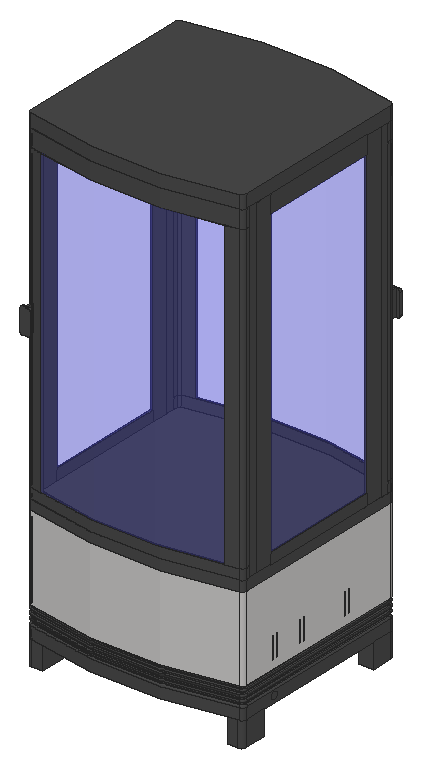
Revit family "QF_Turbo Air_CRT-77-2R", category Specialty Equipment, Revit 2014
Parameters
  Weight in Pounds = 82.5
  Watermarked By = ""
  Volts = 115 V
  URL Cutsheet = ""
  URL = "www.turboairinc.com"
  Status [instance] = ""
  Specification by User [instance] = ""
  Specification by Manufacturer [instance] = ""
  Serial Number [instance] = ""
  Revision Code [instance] = ""
  Phase = 1
  Number of Poles [instance] = 1
  NAFEM Spec ID Number [instance] = ""
  Model = "CRT-77-2R"
  Masterspec [instance] = ""
  Manufacturer = "Turbo Air"  # constant formula
  Item Number [instance] = "-"
  Installed By [instance] = ""
  HP = "2/9"
  Furnished By [instance] = ""
  Foodservice Equipment Identifier = yes
  FL Amps = 2.6 A
  Electrical Remarks [instance] = ""
  Electric Connection Type [instance] = ""
  Elec Conn RI Height [instance] = 0' - 0"
  Elec Conn Connection Height = 1' - 0"
  Description = "Refrigerated Show Case"
  Cycle = 60 Hz
  Conn Plug = "NEMA 5-15P"
  CSI MasterFormat = "11 41 13"
  Assembly Code = "E1090320"
  Apparent Power = if(Phase = 3, Volts * FL Amps * 1.73, Volts * FL Amps)  # 299 VA
Reference planes (in)
  plane 1: z = 0
  plane 2 "LEFT": x = -16.56573
  plane 3 "RIGHT": x = 0.18427
  plane 4 "FRONT": y = -16
  plane 5 "TOP": z = 38.5
  plane 6 "Bottom": z = 1.9375
  plane 7: z = 10.875
  plane 8 "Inside Bottom": z = 11.6875
  plane 9 "Glass Top": z = 36.125
  plane 10 "Inside Top": z = 37.5
  plane 11 "Vent Top": z = 4.3125
  plane 12 "Glass Bottom": z = 12.5
  plane 13 "Door Back": y = -14.38257
  plane 14 "Door Glass Left": x = -15.31573
  plane 15 "Door Glass Right": x = -1.06573
  plane 16 "Handle": z = 24.3125
  plane 17 "BACK": y = 0.75
  plane 18 "CL FB": y = -7.625
  plane 19 "Very Back": y = 0.76816
  plane 20 "Very Front": y = -16.10684
Forms (in)
  Sweep 1, solid, material "QF_Plastic-Black-Fine Textured"
    path origin (0, 0, 1.9375) x (0, 1, 0) y (-1, 0, 0)
      loop
        line (-0.66128, 16.56573) -> (-14.58872, 16.56573)
        arc (-14.58872, 16.56573) -> (-14.81696, 16.48827) -> (-14.95091, 16.28789) r 0.375
        arc (-14.95091, 16.28789) -> (-16.01816, 8.19073) -> (-14.95091, 0.09356) r 31.25
        arc (-14.95091, 0.09356) -> (-14.81696, -0.10682) -> (-14.58872, -0.18427) r 0.375
        line (-14.58872, -0.18427) -> (-0.66128, -0.18427)
        arc (-0.66128, -0.18427) -> (-0.43304, -0.10682) -> (-0.29909, 0.09356) r 0.375
        arc (-0.29909, 0.09356) -> (0.76816, 8.19073) -> (-0.29909, 16.28789) r 31.25
        arc (-0.29909, 16.28789) -> (-0.43304, 16.48827) -> (-0.66128, 16.56573) r 0.375
    profile origin (-16.56573, -7.625, 1.9375) x (1, 0, 0) y (0, 0, 1)
      loop
        line (0, 0) -> (0.0625, 0) -> (0.0625, 0.875)
        arc (0.0625, 0.875) -> (0.08081, 0.91919) -> (0.125, 0.9375) r 0.0625
        line (0.125, 0.9375) -> (0.3125, 0.9375) -> (0.3125, 2.375) -> (0.25, 2.375) -> (0.25, 2.125) -> (0.0625, 2.125)
        arc (0.0625, 2.125) -> (0, 2.0625) -> (0.0625, 2) r 0.0625
        line (0.0625, 2) -> (0.25, 2) -> (0.25, 1.75) -> (0.0625, 1.75)
        arc (0.0625, 1.75) -> (0, 1.6875) -> (0.0625, 1.625) r 0.0625
        line (0.0625, 1.625) -> (0.25, 1.625) -> (0.25, 1.375) -> (0.0625, 1.375)
        arc (0.0625, 1.375) -> (0, 1.3125) -> (0.0625, 1.25) r 0.0625
        line (0.0625, 1.25) -> (0.25, 1.25) -> (0.25, 1) -> (0.125, 1)
        arc (0.125, 1) -> (0.03661, 0.96339) -> (0, 0.875) r 0.125
        line (0, 0.875) -> (0, 0)
  Extrusion 2, solid, material "QF_Plastic-Black-Fine Textured"
    sketch origin (0, 0, 1.9375) x (0, 1, 0) y (-1, 0, 0)
      loop
        arc (-0.3125, 16.19073) -> (-0.33081, 16.23492) -> (-0.375, 16.25323) r 0.0625
        line (-0.375, 16.25323) -> (-14.58872, 16.25323)
        arc (-14.58872, 16.25323) -> (-14.62676, 16.24032) -> (-14.64908, 16.20692) r 0.0625
        arc (-14.64908, 16.20692) -> (-15.70566, 8.19073) -> (-14.64908, 0.17453) r 30.9375
        arc (-14.64908, 0.17453) -> (-14.62676, 0.14114) -> (-14.58872, 0.12823) r 0.0625
        line (-14.58872, 0.12823) -> (-0.375, 0.12823)
        arc (-0.375, 0.12823) -> (-0.33081, 0.14653) -> (-0.3125, 0.19073) r 0.0625
        line (-0.3125, 0.19073) -> (-0.3125, 16.19073)
    from 0 to 2.375
  Extrusion 3, solid, material "QF_Stainless-Polished"
    sketch origin (0, 0, 1.9375) x (0, 1, 0) y (-1, 0, 0)
      loop
        line (-0.66128, 16.56573) -> (-14.58872, 16.56573)
        arc (-14.58872, 16.56573) -> (-14.81696, 16.48827) -> (-14.95091, 16.28789) r 0.375
        arc (-14.95091, 16.28789) -> (-16.01816, 8.19073) -> (-14.95091, 0.09356) r 31.25
        arc (-14.95091, 0.09356) -> (-14.81696, -0.10682) -> (-14.58872, -0.18427) r 0.375
        line (-14.58872, -0.18427) -> (-0.66128, -0.18427)
        arc (-0.66128, -0.18427) -> (-0.43304, -0.10682) -> (-0.29909, 0.09356) r 0.375
        arc (-0.29909, 0.09356) -> (0.76816, 8.19073) -> (-0.29909, 16.28789) r 31.25
        arc (-0.29909, 16.28789) -> (-0.43304, 16.48827) -> (-0.66128, 16.56573) r 0.375
      loop
        line (-14.58872, -0.05927) -> (-0.66128, -0.05927)
        arc (-0.66128, -0.05927) -> (-0.50912, -0.00764) -> (-0.41982, 0.12595) r 0.25
        arc (-0.41982, 0.12595) -> (0.64316, 8.19073) -> (-0.41982, 16.2555) r 31.125
        arc (-0.41982, 16.2555) -> (-0.50912, 16.38909) -> (-0.66128, 16.44073) r 0.25
        line (-0.66128, 16.44073) -> (-14.58872, 16.44073)
        arc (-14.58872, 16.44073) -> (-14.74088, 16.38909) -> (-14.83018, 16.2555) r 0.25
        arc (-14.83018, 16.2555) -> (-15.89316, 8.19073) -> (-14.83018, 0.12595) r 31.125
        arc (-14.83018, 0.12595) -> (-14.74088, -0.00764) -> (-14.58872, -0.05927) r 0.25
    from 2.375 to 8.9375
  Extrusion 4, void
    sketch origin (-16.56573, 0, 0) x (0, 1, 0) y (0, 0, 1)
      loop
        line (-9.00908, 4.9375) -> (-9.00908, 6.6875)
        arc (-9.00908, 6.6875) -> (-9.07158, 6.75) -> (-9.13408, 6.6875) r 0.0625
        line (-9.13408, 6.6875) -> (-9.13408, 4.9375)
        arc (-9.13408, 4.9375) -> (-9.07158, 4.875) -> (-9.00908, 4.9375) r 0.0625
      loop
        line (-9.38408, 4.9375) -> (-9.38408, 6.6875)
        arc (-9.38408, 6.6875) -> (-9.44658, 6.75) -> (-9.50908, 6.6875) r 0.0625
        line (-9.50908, 6.6875) -> (-9.50908, 4.9375)
        arc (-9.50908, 4.9375) -> (-9.44658, 4.875) -> (-9.38408, 4.9375) r 0.0625
      loop
        line (-9.75908, 4.9375) -> (-9.75908, 6.6875)
        arc (-9.75908, 6.6875) -> (-9.82158, 6.75) -> (-9.88408, 6.6875) r 0.0625
        line (-9.88408, 6.6875) -> (-9.88408, 4.9375)
        arc (-9.88408, 4.9375) -> (-9.82158, 4.875) -> (-9.75908, 4.9375) r 0.0625
      loop
        line (-10.13408, 4.9375) -> (-10.13408, 6.6875)
        arc (-10.13408, 6.6875) -> (-10.19658, 6.75) -> (-10.25908, 6.6875) r 0.0625
        line (-10.25908, 6.6875) -> (-10.25908, 4.9375)
        arc (-10.25908, 4.9375) -> (-10.19658, 4.875) -> (-10.13408, 4.9375) r 0.0625
      loop
        line (-10.50908, 4.9375) -> (-10.50908, 6.6875)
        arc (-10.50908, 6.6875) -> (-10.57158, 6.75) -> (-10.63408, 6.6875) r 0.0625
        line (-10.63408, 6.6875) -> (-10.63408, 4.9375)
        arc (-10.63408, 4.9375) -> (-10.57158, 4.875) -> (-10.50908, 4.9375) r 0.0625
      loop
        line (-10.88408, 4.9375) -> (-10.88408, 6.6875)
        arc (-10.88408, 6.6875) -> (-10.94658, 6.75) -> (-11.00908, 6.6875) r 0.0625
        line (-11.00908, 6.6875) -> (-11.00908, 4.9375)
        arc (-11.00908, 4.9375) -> (-10.94658, 4.875) -> (-10.88408, 4.9375) r 0.0625
      loop
        line (-11.25908, 4.9375) -> (-11.25908, 6.6875)
        arc (-11.25908, 6.6875) -> (-11.32158, 6.75) -> (-11.38408, 6.6875) r 0.0625
        line (-11.38408, 6.6875) -> (-11.38408, 4.9375)
        arc (-11.38408, 4.9375) -> (-11.32158, 4.875) -> (-11.25908, 4.9375) r 0.0625
      loop
        line (-11.63408, 4.9375) -> (-11.63408, 6.6875)
        arc (-11.63408, 6.6875) -> (-11.69658, 6.75) -> (-11.75908, 6.6875) r 0.0625
        line (-11.75908, 6.6875) -> (-11.75908, 4.9375)
        arc (-11.75908, 4.9375) -> (-11.69658, 4.875) -> (-11.63408, 4.9375) r 0.0625
      loop
        line (-12.00908, 4.9375) -> (-12.00908, 6.6875)
        arc (-12.00908, 6.6875) -> (-12.07158, 6.75) -> (-12.13408, 6.6875) r 0.0625
        line (-12.13408, 6.6875) -> (-12.13408, 4.9375)
        arc (-12.13408, 4.9375) -> (-12.07158, 4.875) -> (-12.00908, 4.9375) r 0.0625
      loop
        line (-12.38408, 4.9375) -> (-12.38408, 6.6875)
        arc (-12.38408, 6.6875) -> (-12.44658, 6.75) -> (-12.50908, 6.6875) r 0.0625
        line (-12.50908, 6.6875) -> (-12.50908, 4.9375)
        arc (-12.50908, 4.9375) -> (-12.44658, 4.875) -> (-12.38408, 4.9375) r 0.0625
      loop
        line (-12.75908, 4.9375) -> (-12.75908, 6.6875)
        arc (-12.75908, 6.6875) -> (-12.82158, 6.75) -> (-12.88408, 6.6875) r 0.0625
        line (-12.88408, 6.6875) -> (-12.88408, 4.9375)
        arc (-12.88408, 4.9375) -> (-12.82158, 4.875) -> (-12.75908, 4.9375) r 0.0625
      loop
        line (-13.13408, 4.9375) -> (-13.13408, 6.6875)
        arc (-13.13408, 6.6875) -> (-13.19658, 6.75) -> (-13.25908, 6.6875) r 0.0625
        line (-13.25908, 6.6875) -> (-13.25908, 4.9375)
        arc (-13.25908, 4.9375) -> (-13.19658, 4.875) -> (-13.13408, 4.9375) r 0.0625
      loop
        line (-13.50908, 4.9375) -> (-13.50908, 6.6875)
        arc (-13.50908, 6.6875) -> (-13.57158, 6.75) -> (-13.63408, 6.6875) r 0.0625
        line (-13.63408, 6.6875) -> (-13.63408, 4.9375)
        arc (-13.63408, 4.9375) -> (-13.57158, 4.875) -> (-13.50908, 4.9375) r 0.0625
      loop
        arc (-7.00908, 4.9375) -> (-6.94658, 4.875) -> (-6.88408, 4.9375) r 0.0625
        line (-6.88408, 4.9375) -> (-6.88408, 6.6875)
        arc (-6.88408, 6.6875) -> (-6.94658, 6.75) -> (-7.00908, 6.6875) r 0.0625
        line (-7.00908, 6.6875) -> (-7.00908, 4.9375)
      loop
        arc (-6.63408, 4.9375) -> (-6.57158, 4.875) -> (-6.50908, 4.9375) r 0.0625
        line (-6.50908, 4.9375) -> (-6.50908, 6.6875)
        arc (-6.50908, 6.6875) -> (-6.57158, 6.75) -> (-6.63408, 6.6875) r 0.0625
        line (-6.63408, 6.6875) -> (-6.63408, 4.9375)
      loop
        arc (-6.25908, 4.9375) -> (-6.19658, 4.875) -> (-6.13408, 4.9375) r 0.0625
        line (-6.13408, 4.9375) -> (-6.13408, 6.6875)
        arc (-6.13408, 6.6875) -> (-6.19658, 6.75) -> (-6.25908, 6.6875) r 0.0625
        line (-6.25908, 6.6875) -> (-6.25908, 4.9375)
      loop
        arc (-5.88408, 4.9375) -> (-5.82158, 4.875) -> (-5.75908, 4.9375) r 0.0625
        line (-5.75908, 4.9375) -> (-5.75908, 6.6875)
        arc (-5.75908, 6.6875) -> (-5.82158, 6.75) -> (-5.88408, 6.6875) r 0.0625
        line (-5.88408, 6.6875) -> (-5.88408, 4.9375)
      loop
        arc (-5.50908, 4.9375) -> (-5.44658, 4.875) -> (-5.38408, 4.9375) r 0.0625
        line (-5.38408, 4.9375) -> (-5.38408, 6.6875)
        arc (-5.38408, 6.6875) -> (-5.44658, 6.75) -> (-5.50908, 6.6875) r 0.0625
        line (-5.50908, 6.6875) -> (-5.50908, 4.9375)
      loop
        arc (-5.13408, 4.9375) -> (-5.07158, 4.875) -> (-5.00908, 4.9375) r 0.0625
        line (-5.00908, 4.9375) -> (-5.00908, 6.6875)
        arc (-5.00908, 6.6875) -> (-5.07158, 6.75) -> (-5.13408, 6.6875) r 0.0625
        line (-5.13408, 6.6875) -> (-5.13408, 4.9375)
      loop
        arc (-4.75908, 4.9375) -> (-4.69658, 4.875) -> (-4.63408, 4.9375) r 0.0625
        line (-4.63408, 4.9375) -> (-4.63408, 6.6875)
        arc (-4.63408, 6.6875) -> (-4.69658, 6.75) -> (-4.75908, 6.6875) r 0.0625
        line (-4.75908, 6.6875) -> (-4.75908, 4.9375)
      loop
        arc (-4.38408, 4.9375) -> (-4.32158, 4.875) -> (-4.25908, 4.9375) r 0.0625
        line (-4.25908, 4.9375) -> (-4.25908, 6.6875)
        arc (-4.25908, 6.6875) -> (-4.32158, 6.75) -> (-4.38408, 6.6875) r 0.0625
        line (-4.38408, 6.6875) -> (-4.38408, 4.9375)
      loop
        arc (-4.00908, 4.9375) -> (-3.94658, 4.875) -> (-3.88408, 4.9375) r 0.0625
        line (-3.88408, 4.9375) -> (-3.88408, 6.6875)
        arc (-3.88408, 6.6875) -> (-3.94658, 6.75) -> (-4.00908, 6.6875) r 0.0625
        line (-4.00908, 6.6875) -> (-4.00908, 4.9375)
      loop
        arc (-3.63408, 4.9375) -> (-3.57158, 4.875) -> (-3.50908, 4.9375) r 0.0625
        line (-3.50908, 4.9375) -> (-3.50908, 6.6875)
        arc (-3.50908, 6.6875) -> (-3.57158, 6.75) -> (-3.63408, 6.6875) r 0.0625
        line (-3.63408, 6.6875) -> (-3.63408, 4.9375)
      loop
        arc (-3.25908, 4.9375) -> (-3.19658, 4.875) -> (-3.13408, 4.9375) r 0.0625
        line (-3.13408, 4.9375) -> (-3.13408, 6.6875)
        arc (-3.13408, 6.6875) -> (-3.19658, 6.75) -> (-3.25908, 6.6875) r 0.0625
        line (-3.25908, 6.6875) -> (-3.25908, 4.9375)
      loop
        arc (-2.88408, 4.9375) -> (-2.82158, 4.875) -> (-2.75908, 4.9375) r 0.0625
        line (-2.75908, 4.9375) -> (-2.75908, 6.6875)
        arc (-2.75908, 6.6875) -> (-2.82158, 6.75) -> (-2.88408, 6.6875) r 0.0625
        line (-2.88408, 6.6875) -> (-2.88408, 4.9375)
      loop
        arc (-2.50908, 4.9375) -> (-2.44658, 4.875) -> (-2.38408, 4.9375) r 0.0625
        line (-2.38408, 4.9375) -> (-2.38408, 6.6875)
        arc (-2.38408, 6.6875) -> (-2.44658, 6.75) -> (-2.50908, 6.6875) r 0.0625
        line (-2.50908, 6.6875) -> (-2.50908, 4.9375)
    from 0 to 16.75
  Extrusion 5, solid, material "QF_Plastic-Black-Fine Textured"
    sketch origin (0, 0, 11.6875) x (0, 1, 0) y (-1, 0, 0)
      loop
        line (-0.66128, 16.56573) -> (-14.58872, 16.56573)
        arc (-14.58872, 16.56573) -> (-14.81696, 16.48827) -> (-14.95091, 16.28789) r 0.375
        arc (-14.95091, 16.28789) -> (-16.01816, 8.19073) -> (-14.95091, 0.09356) r 31.25
        arc (-14.95091, 0.09356) -> (-14.81696, -0.10682) -> (-14.58872, -0.18427) r 0.375
        line (-14.58872, -0.18427) -> (-0.66128, -0.18427)
        arc (-0.66128, -0.18427) -> (-0.43304, -0.10682) -> (-0.29909, 0.09356) r 0.375
        arc (-0.29909, 0.09356) -> (0.76816, 8.19073) -> (-0.29909, 16.28789) r 31.25
        arc (-0.29909, 16.28789) -> (-0.43304, 16.48827) -> (-0.66128, 16.56573) r 0.375
    from 0 to -0.8125
  Extrusion 6, solid, material "QF_Plastic-Black-Fine Textured"
    sketch origin (0, 0, 11.6875) x (0, 1, 0) y (-1, 0, 0)
      loop
        arc (-15.06667, 15.31573) -> (-14.95208, 15.78653) -> (-14.83018, 16.2555) r 31.125
        arc (-14.83018, 16.2555) -> (-14.74088, 16.38909) -> (-14.58872, 16.44073) r 0.25
        line (-14.58872, 16.44073) -> (-13.71372, 16.44073) -> (-13.71372, 16.56573) -> (-14.58872, 16.56573)
        arc (-14.58872, 16.56573) -> (-14.81696, 16.48827) -> (-14.95091, 16.28789) r 0.375
        arc (-14.95091, 16.28789) -> (-15.07689, 15.80279) -> (-15.19507, 15.31573) r 31.25
        line (-15.19507, 15.31573) -> (-15.06667, 15.31573)
      loop
        line (-12.27622, 16.44073) -> (-12.27622, 16.56573) -> (-13.65122, 16.56573) -> (-13.65122, 16.44073) -> (-12.27622, 16.44073)
      loop
        line (-15.06667, 1.06573) -> (-15.19507, 1.06573)
        arc (-15.19507, 1.06573) -> (-15.07689, 0.57866) -> (-14.95091, 0.09356) r 31.25
        arc (-14.95091, 0.09356) -> (-14.81696, -0.10682) -> (-14.58872, -0.18427) r 0.375
        line (-14.58872, -0.18427) -> (-13.71372, -0.18427) -> (-13.71372, -0.05927) -> (-14.58872, -0.05927)
        arc (-14.58872, -0.05927) -> (-14.74088, -0.00764) -> (-14.83018, 0.12595) r 0.25
        arc (-14.83018, 0.12595) -> (-14.95208, 0.59492) -> (-15.06667, 1.06573) r 31.125
      loop
        line (-12.27622, -0.05927) -> (-13.65122, -0.05927) -> (-13.65122, -0.18427) -> (-12.27622, -0.18427) -> (-12.27622, -0.05927)
      loop
        line (-0.18333, 15.31573) -> (-0.05493, 15.31573)
        arc (-0.05493, 15.31573) -> (-0.17311, 15.80279) -> (-0.29909, 16.28789) r 31.25
        arc (-0.29909, 16.28789) -> (-0.43304, 16.48827) -> (-0.66128, 16.56573) r 0.375
        line (-0.66128, 16.56573) -> (-1.53628, 16.56573) -> (-1.53628, 16.44073) -> (-0.66128, 16.44073)
        arc (-0.66128, 16.44073) -> (-0.50912, 16.38909) -> (-0.41982, 16.2555) r 0.25
        arc (-0.41982, 16.2555) -> (-0.29792, 15.78653) -> (-0.18333, 15.31573) r 31.125
      loop
        line (-2.97378, 16.44073) -> (-1.59878, 16.44073) -> (-1.59878, 16.56573) -> (-2.97378, 16.56573) -> (-2.97378, 16.44073)
      loop
        arc (-0.18333, 1.06573) -> (-0.29792, 0.59492) -> (-0.41982, 0.12595) r 31.125
        arc (-0.41982, 0.12595) -> (-0.50912, -0.00764) -> (-0.66128, -0.05927) r 0.25
        line (-0.66128, -0.05927) -> (-1.53628, -0.05927) -> (-1.53628, -0.18427) -> (-0.66128, -0.18427)
        arc (-0.66128, -0.18427) -> (-0.43304, -0.10682) -> (-0.29909, 0.09356) r 0.375
        arc (-0.29909, 0.09356) -> (-0.17311, 0.57866) -> (-0.05493, 1.06573) r 31.25
        line (-0.05493, 1.06573) -> (-0.18333, 1.06573)
      loop
        line (-2.97378, -0.05927) -> (-2.97378, -0.18427) -> (-1.59878, -0.18427) -> (-1.59878, -0.05927) -> (-2.97378, -0.05927)
    from 0 to 25.8125
  Extrusion 7, void
    sketch origin (-16.56573, 0, 0) x (0, 1, 0) y (0, 0, 1)
      loop
        line (-15.19507, 37.5) -> (-15.19507, 11.6875) -> (-14.38257, 11.6875) -> (-14.38257, 37.5) -> (-15.19507, 37.5)
    from 0 to 16.75
  Extrusion 8, solid, material "QF_Plastic-Black-Fine Textured"
    sketch origin (0, 0, 11.6875) x (0, 1, 0) y (-1, 0, 0)
      loop
        line (-14.38257, 16.56573) -> (-14.58872, 16.56573)
        arc (-14.58872, 16.56573) -> (-14.81696, 16.48827) -> (-14.95091, 16.28789) r 0.375
        arc (-14.95091, 16.28789) -> (-16.01816, 8.19073) -> (-14.95091, 0.09356) r 31.25
        arc (-14.95091, 0.09356) -> (-14.81696, -0.10682) -> (-14.58872, -0.18427) r 0.375
        line (-14.58872, -0.18427) -> (-14.38257, -0.18427) -> (-14.38257, -0.05927) -> (-14.58872, -0.05927)
        arc (-14.58872, -0.05927) -> (-14.74088, -0.00764) -> (-14.83018, 0.12595) r 0.25
        arc (-14.83018, 0.12595) -> (-15.89316, 8.19073) -> (-14.83018, 16.2555) r 31.125
        arc (-14.83018, 16.2555) -> (-14.74088, 16.38909) -> (-14.58872, 16.44073) r 0.25
        line (-14.58872, 16.44073) -> (-14.38257, 16.44073) -> (-14.38257, 16.56573)
    from 0 to 0.8125
  Extrusion 9, solid, material "QF_Plastic-Black-Fine Textured"
    sketch origin (0, 0, 36.125) x (0, 1, 0) y (-1, 0, 0)
      loop
        line (-14.38257, 16.56573) -> (-14.58872, 16.56573)
        arc (-14.58872, 16.56573) -> (-14.81696, 16.48827) -> (-14.95091, 16.28789) r 0.375
        arc (-14.95091, 16.28789) -> (-16.01816, 8.19073) -> (-14.95091, 0.09356) r 31.25
        arc (-14.95091, 0.09356) -> (-14.81696, -0.10682) -> (-14.58872, -0.18427) r 0.375
        line (-14.58872, -0.18427) -> (-14.38257, -0.18427) -> (-14.38257, -0.05927) -> (-14.58872, -0.05927)
        arc (-14.58872, -0.05927) -> (-14.74088, -0.00764) -> (-14.83018, 0.12595) r 0.25
        arc (-14.83018, 0.12595) -> (-15.89316, 8.19073) -> (-14.83018, 16.2555) r 31.125
        arc (-14.83018, 16.2555) -> (-14.74088, 16.38909) -> (-14.58872, 16.44073) r 0.25
        line (-14.58872, 16.44073) -> (-14.38257, 16.44073) -> (-14.38257, 16.56573)
    from 0 to 1.375
  Extrusion 10, solid, material "QF_Plastic-Black-Fine Textured"
    sketch origin (0, 0, 11.6875) x (0, 1, 0) y (-1, 0, 0)
      loop
        line (-14.38257, 16.56573) -> (-14.58872, 16.56573)
        arc (-14.58872, 16.56573) -> (-14.81696, 16.48827) -> (-14.95091, 16.28789) r 0.375
        arc (-14.95091, 16.28789) -> (-15.07689, 15.80279) -> (-15.19507, 15.31573) r 31.25
        line (-15.19507, 15.31573) -> (-15.06667, 15.31573)
        arc (-15.06667, 15.31573) -> (-14.95208, 15.78653) -> (-14.83018, 16.2555) r 31.125
        arc (-14.83018, 16.2555) -> (-14.74088, 16.38909) -> (-14.58872, 16.44073) r 0.25
        line (-14.58872, 16.44073) -> (-14.38257, 16.44073) -> (-14.38257, 16.56573)
      loop
        line (-14.38257, -0.18427) -> (-14.38257, -0.05927) -> (-14.58872, -0.05927)
        arc (-14.58872, -0.05927) -> (-14.74088, -0.00764) -> (-14.83018, 0.12595) r 0.25
        arc (-14.83018, 0.12595) -> (-14.95208, 0.59492) -> (-15.06667, 1.06573) r 31.125
        line (-15.06667, 1.06573) -> (-15.19507, 1.06573)
        arc (-15.19507, 1.06573) -> (-15.07689, 0.57866) -> (-14.95091, 0.09356) r 31.25
        arc (-14.95091, 0.09356) -> (-14.81696, -0.10682) -> (-14.58872, -0.18427) r 0.375
        line (-14.58872, -0.18427) -> (-14.38257, -0.18427)
    from 0.8125 to 24.4375
  Extrusion 11, solid, material "QF_Glass-Cast-Clear"
    sketch origin (0, 0, 11.6875) x (0, 1, 0) y (-1, 0, 0)
      loop
        arc (-15.19507, 15.31573) -> (-16.01816, 8.19073) -> (-15.19507, 1.06573) r 31.25
        line (-15.19507, 1.06573) -> (-15.06667, 1.06573)
        arc (-15.06667, 1.06573) -> (-15.89316, 8.19073) -> (-15.06667, 15.31573) r 31.125
        line (-15.06667, 15.31573) -> (-15.19507, 15.31573)
    from 0.8125 to 24.4375
  Extrusion 12, solid, material "QF_Plastic-Black-Fine Textured"
    sketch origin (0, 0, 11.6875) x (0, 1, 0) y (-1, 0, 0)
      loop
        line (-12.27622, 16.56573) -> (-12.27622, 16.44073) -> (-2.97378, 16.44073) -> (-2.97378, 16.56573) -> (-12.27622, 16.56573)
      loop
        line (-12.27622, -0.05927) -> (-12.27622, -0.18427) -> (-2.97378, -0.18427) -> (-2.97378, -0.05927) -> (-12.27622, -0.05927)
    from 0 to 0.8125
  Extrusion 13, solid, material "QF_Plastic-Black-Fine Textured"
    sketch origin (0, 0, 36.125) x (0, 1, 0) y (-1, 0, 0)
      loop
        line (-2.97378, 16.56573) -> (-12.27622, 16.56573) -> (-12.27622, 16.44073) -> (-2.97378, 16.44073) -> (-2.97378, 16.56573)
      loop
        line (-2.97378, -0.05927) -> (-12.27622, -0.05927) -> (-12.27622, -0.18427) -> (-2.97378, -0.18427) -> (-2.97378, -0.05927)
    from 0 to 1.375
  Extrusion 14, solid, material "QF_Glass-Cast-Clear"
    sketch origin (0, 0, 12.5) x (0, 1, 0) y (-1, 0, 0)
      loop
        line (-2.97378, 16.56573) -> (-12.27622, 16.56573) -> (-12.27622, 16.44073) -> (-2.97378, 16.44073) -> (-2.97378, 16.56573)
      loop
        line (-2.97378, -0.05927) -> (-12.27622, -0.05927) -> (-12.27622, -0.18427) -> (-2.97378, -0.18427) -> (-2.97378, -0.05927)
    from 0 to 23.625
  Extrusion 15, solid, material "QF_Plastic-Black-Fine Textured"
    sketch origin (0, 0, 37.5) x (0, 1, 0) y (-1, 0, 0)
      loop
        arc (-14.58872, 16.56573) -> (-14.81696, 16.48827) -> (-14.95091, 16.28789) r 0.375
        arc (-14.95091, 16.28789) -> (-16.01816, 8.19073) -> (-14.95091, 0.09356) r 31.25
        arc (-14.95091, 0.09356) -> (-14.81696, -0.10682) -> (-14.58872, -0.18427) r 0.375
        line (-14.58872, -0.18427) -> (-0.66128, -0.18427)
        arc (-0.66128, -0.18427) -> (-0.43304, -0.10682) -> (-0.29909, 0.09356) r 0.375
        arc (-0.29909, 0.09356) -> (0.76816, 8.19073) -> (-0.29909, 16.28789) r 31.25
        arc (-0.29909, 16.28789) -> (-0.43304, 16.48827) -> (-0.66128, 16.56573) r 0.375
        line (-0.66128, 16.56573) -> (-14.58872, 16.56573)
    from 0 to 1
  Extrusion 16, solid, material "QF_Plastic-Black-Fine Textured"
    sketch origin (0, 0, 24.3125) x (0, 1, 0) y (-1, 0, 0)
      loop
        line (-14.96019, 16.25323) -> (-15.5, 16.25323) -> (-15.5, 16.12823) -> (-14.99329, 16.12823)
        arc (-14.99329, 16.12823) -> (-14.9768, 16.19074) -> (-14.96019, 16.25323) r 31.25
    from -1 to 1
  Extrusion 17, solid, material "QF_Plastic-Black-Fine Textured"
    sketch origin (0, -16, 0) x (1, 0, 0) y (0, 0, 1)
      loop
        arc (-16.40948, 25.3125) -> (-16.54206, 25.25758) -> (-16.59698, 25.125) r 0.1875
        line (-16.59698, 25.125) -> (-16.59698, 23.5)
        arc (-16.59698, 23.5) -> (-16.54206, 23.36742) -> (-16.40948, 23.3125) r 0.1875
        line (-16.40948, 23.3125) -> (-15.97198, 23.3125)
        arc (-15.97198, 23.3125) -> (-15.83939, 23.36742) -> (-15.78448, 23.5) r 0.1875
        line (-15.78448, 23.5) -> (-15.78448, 25.125)
        arc (-15.78448, 25.125) -> (-15.83939, 25.25758) -> (-15.97198, 25.3125) r 0.1875
        line (-15.97198, 25.3125) -> (-16.40948, 25.3125)
    from -0.5 to -0.375
  Extrusion 18, solid, material "QF_Clearance", detail levels coarse+medium
    sketch origin (0, 0, 11.6875) x (0, 1, 0) y (-1, 0, 0)
      loop
        line (-14.38257, -0.39042) -> (-14.38257, -0.18427) -> (-14.58872, -0.18427)
        arc (-14.58872, -0.18427) -> (-14.81696, -0.10682) -> (-14.95091, 0.09356) r 0.375
        arc (-14.95091, 0.09356) -> (-16.01708, 7.93069) -> (-15.08148, 15.78448) r 31.25
        line (-15.08148, 15.78448) -> (-15.625, 15.78448) -> (-15.625, 16.51958)
        arc (-15.625, 16.51958) -> (-26.65802, 11.21204) -> (-31.13257, -0.18427) r 16.75
        line (-31.13257, -0.18427) -> (-31.13257, -0.39042)
        arc (-31.13257, -0.39042) -> (-31.05511, -0.61866) -> (-30.85474, -0.75261) r 0.375
        arc (-30.85474, -0.75261) -> (-22.75757, -1.81986) -> (-14.6604, -0.75261) r 31.25
        arc (-14.6604, -0.75261) -> (-14.46003, -0.61866) -> (-14.38257, -0.39042) r 0.375
    from 0 to 25.8125
  Extrusion 19, solid, material "QF_Plastic-Black-Fine Textured"
    sketch origin (0, 0, 0) x (1, 0, 0) y (0, 1, 0)
      loop
        line (-16.19073, -14.96372) -> (-15.37823, -14.96372) -> (-15.37823, -12.96372) -> (-16.56573, -12.96372) -> (-16.56573, -14.58872)
        arc (-16.56573, -14.58872) -> (-16.45589, -14.85388) -> (-16.19073, -14.96372) r 0.375
      loop
        arc (-0.19073, -14.96372) -> (0.07444, -14.85388) -> (0.18427, -14.58872) r 0.375
        line (0.18427, -14.58872) -> (0.18427, -12.96372) -> (-1.00323, -12.96372) -> (-1.00323, -14.96372) -> (-0.19073, -14.96372)
      loop
        arc (-16.19073, -0.28628) -> (-16.45589, -0.39612) -> (-16.56573, -0.66128) r 0.375
        line (-16.56573, -0.66128) -> (-16.56573, -2.28628) -> (-15.37823, -2.28628) -> (-15.37823, -0.28628) -> (-16.19073, -0.28628)
      loop
        line (-0.19073, -0.28628) -> (-1.00323, -0.28628) -> (-1.00323, -2.28628) -> (0.18427, -2.28628) -> (0.18427, -0.66128)
        arc (0.18427, -0.66128) -> (0.07444, -0.39612) -> (-0.19073, -0.28628) r 0.375
    from 0 to 1.9375
  Extrusion 20, solid, material "QF_Plastic-Black-Fine Textured"
    sketch origin (0.18427, 0, 0) x (0, 1, 0) y (0, 0, 1)
      loop
        circle (-12, 2.5) r 0.25
    from 0 to 0.0625
  Extrusion 21, solid, material "QF_Plastic-Black-Fine Textured"
    sketch origin (-16.38145, -15.25, 11.6875) x (0, -1, 0) y (1, 0, 0)
      loop
        line (-14.38257, 16.56573) -> (-14.58872, 16.56573)
        arc (-14.58872, 16.56573) -> (-14.81696, 16.48827) -> (-14.95091, 16.28789) r 0.375
        arc (-14.95091, 16.28789) -> (-16.01816, 8.19073) -> (-14.95091, 0.09356) r 31.25
        arc (-14.95091, 0.09356) -> (-14.81696, -0.10682) -> (-14.58872, -0.18427) r 0.375
        line (-14.58872, -0.18427) -> (-14.38257, -0.18427) -> (-14.38257, -0.05927) -> (-14.58872, -0.05927)
        arc (-14.58872, -0.05927) -> (-14.74088, -0.00764) -> (-14.83018, 0.12595) r 0.25
        arc (-14.83018, 0.12595) -> (-15.89316, 8.19073) -> (-14.83018, 16.2555) r 31.125
        arc (-14.83018, 16.2555) -> (-14.74088, 16.38909) -> (-14.58872, 16.44073) r 0.25
        line (-14.58872, 16.44073) -> (-14.38257, 16.44073) -> (-14.38257, 16.56573)
    from 0 to 0.8125
  Extrusion 22, solid, material "QF_Plastic-Black-Fine Textured"
    sketch origin (-16.38145, -15.25, 36.125) x (0, -1, 0) y (1, 0, 0)
      loop
        line (-14.38257, 16.56573) -> (-14.58872, 16.56573)
        arc (-14.58872, 16.56573) -> (-14.81696, 16.48827) -> (-14.95091, 16.28789) r 0.375
        arc (-14.95091, 16.28789) -> (-16.01816, 8.19073) -> (-14.95091, 0.09356) r 31.25
        arc (-14.95091, 0.09356) -> (-14.81696, -0.10682) -> (-14.58872, -0.18427) r 0.375
        line (-14.58872, -0.18427) -> (-14.38257, -0.18427) -> (-14.38257, -0.05927) -> (-14.58872, -0.05927)
        arc (-14.58872, -0.05927) -> (-14.74088, -0.00764) -> (-14.83018, 0.12595) r 0.25
        arc (-14.83018, 0.12595) -> (-15.89316, 8.19073) -> (-14.83018, 16.2555) r 31.125
        arc (-14.83018, 16.2555) -> (-14.74088, 16.38909) -> (-14.58872, 16.44073) r 0.25
        line (-14.58872, 16.44073) -> (-14.38257, 16.44073) -> (-14.38257, 16.56573)
    from 0 to 1.375
  Extrusion 23, solid, material "QF_Plastic-Black-Fine Textured"
    sketch origin (-16.38145, -15.25, 11.6875) x (0, -1, 0) y (1, 0, 0)
      loop
        line (-14.38257, 16.56573) -> (-14.58872, 16.56573)
        arc (-14.58872, 16.56573) -> (-14.81696, 16.48827) -> (-14.95091, 16.28789) r 0.375
        arc (-14.95091, 16.28789) -> (-15.07689, 15.80279) -> (-15.19507, 15.31573) r 31.25
        line (-15.19507, 15.31573) -> (-15.06667, 15.31573)
        arc (-15.06667, 15.31573) -> (-14.95208, 15.78653) -> (-14.83018, 16.2555) r 31.125
        arc (-14.83018, 16.2555) -> (-14.74088, 16.38909) -> (-14.58872, 16.44073) r 0.25
        line (-14.58872, 16.44073) -> (-14.38257, 16.44073) -> (-14.38257, 16.56573)
      loop
        line (-14.38257, -0.18427) -> (-14.38257, -0.05927) -> (-14.58872, -0.05927)
        arc (-14.58872, -0.05927) -> (-14.74088, -0.00764) -> (-14.83018, 0.12595) r 0.25
        arc (-14.83018, 0.12595) -> (-14.95208, 0.59492) -> (-15.06667, 1.06573) r 31.125
        line (-15.06667, 1.06573) -> (-15.19507, 1.06573)
        arc (-15.19507, 1.06573) -> (-15.07689, 0.57866) -> (-14.95091, 0.09356) r 31.25
        arc (-14.95091, 0.09356) -> (-14.81696, -0.10682) -> (-14.58872, -0.18427) r 0.375
        line (-14.58872, -0.18427) -> (-14.38257, -0.18427)
    from 0.8125 to 24.4375
  Extrusion 24, solid, material "QF_Glass-Cast-Clear"
    sketch origin (-16.38145, -15.25, 11.6875) x (0, -1, 0) y (1, 0, 0)
      loop
        arc (-15.19507, 15.31573) -> (-16.01816, 8.19073) -> (-15.19507, 1.06573) r 31.25
        line (-15.19507, 1.06573) -> (-15.06667, 1.06573)
        arc (-15.06667, 1.06573) -> (-15.89316, 8.19073) -> (-15.06667, 15.31573) r 31.125
        line (-15.06667, 15.31573) -> (-15.19507, 15.31573)
    from 0.8125 to 24.4375
  Extrusion 25, solid, material "QF_Plastic-Black-Fine Textured"
    sketch origin (-16.38145, -15.25, 24.3125) x (0, -1, 0) y (1, 0, 0)
      loop
        line (-14.96019, 16.25323) -> (-15.5, 16.25323) -> (-15.5, 16.12823) -> (-14.99329, 16.12823)
        arc (-14.99329, 16.12823) -> (-14.9768, 16.19074) -> (-14.96019, 16.25323) r 31.25
    from -1 to 1
  Extrusion 26, solid, material "QF_Plastic-Black-Fine Textured"
    sketch origin (-16.38145, 0.75, 0) x (-1, 0, 0) y (0, 0, 1)
      loop
        arc (-16.40948, 25.3125) -> (-16.54206, 25.25758) -> (-16.59698, 25.125) r 0.1875
        line (-16.59698, 25.125) -> (-16.59698, 23.5)
        arc (-16.59698, 23.5) -> (-16.54206, 23.36742) -> (-16.40948, 23.3125) r 0.1875
        line (-16.40948, 23.3125) -> (-15.97198, 23.3125)
        arc (-15.97198, 23.3125) -> (-15.83939, 23.36742) -> (-15.78448, 23.5) r 0.1875
        line (-15.78448, 23.5) -> (-15.78448, 25.125)
        arc (-15.78448, 25.125) -> (-15.83939, 25.25758) -> (-15.97198, 25.3125) r 0.1875
        line (-15.97198, 25.3125) -> (-16.40948, 25.3125)
    from -0.5 to -0.375
  Extrusion 27, solid, material "QF_Clearance", detail levels coarse+medium
    sketch origin (-16.38145, -15.25, 11.6875) x (0, -1, 0) y (1, 0, 0)
      loop
        line (-14.38257, -0.39042) -> (-14.38257, -0.18427) -> (-14.58872, -0.18427)
        arc (-14.58872, -0.18427) -> (-14.81696, -0.10682) -> (-14.95091, 0.09356) r 0.375
        arc (-14.95091, 0.09356) -> (-16.01708, 7.93069) -> (-15.08148, 15.78448) r 31.25
        line (-15.08148, 15.78448) -> (-15.625, 15.78448) -> (-15.625, 16.51958)
        arc (-15.625, 16.51958) -> (-26.65802, 11.21204) -> (-31.13257, -0.18427) r 16.75
        line (-31.13257, -0.18427) -> (-31.13257, -0.39042)
        arc (-31.13257, -0.39042) -> (-31.05511, -0.61866) -> (-30.85474, -0.75261) r 0.375
        arc (-30.85474, -0.75261) -> (-22.75757, -1.81986) -> (-14.6604, -0.75261) r 31.25
        arc (-14.6604, -0.75261) -> (-14.46003, -0.61866) -> (-14.38257, -0.39042) r 0.375
    from 0 to 25.8125
Cuts and joins
  Extrusion 4 cuts Extrusion 3
  Extrusion 7 cuts Extrusion 6
Lines and regions (in)
  symbolic lines
    curve 1: arc (-0.09356, -14.95091, 11.6875) -> (0.10682, -14.81696, 11.6875) -> (0.18427, -14.58872, 11.6875) r 0.375
    curve 2: arc (-16.28789, -14.95091, 11.6875) -> (-8.19073, -16.01816, 11.6875) -> (-0.09356, -14.95091, 11.6875) r 31.25
    curve 3: arc (-16.56573, -14.58872, 11.6875) -> (-16.48827, -14.81696, 11.6875) -> (-16.28789, -14.95091, 11.6875) r 0.375
    curve 4: line (-16.25323, -14.96019, 11.6875) -> (-16.25323, -15.5, 11.6875)
    curve 5: line (-16.12823, -15.5, 11.6875) -> (-16.12823, -14.99329, 11.6875)
    curve 6: line (-15.78448, -15.625, 11.6875) -> (-16.59698, -15.625, 11.6875)
    curve 7: line (-15.78448, -15.5, 11.6875) -> (-16.59698, -15.5, 11.6875)
    curve 8: line (-16.59698, -15.5, 11.6875) -> (-16.59698, -15.625, 11.6875)
    curve 9: line (-15.78448, -15.5, 11.6875) -> (-15.78448, -15.625, 11.6875)
    curve 16: arc (-16.28789, -0.29909, 11.6875) -> (-16.48827, -0.43304, 11.6875) -> (-16.56573, -0.66128, 11.6875) r 0.375
    curve 17: arc (-0.09356, -0.29909, 11.6875) -> (-8.19073, 0.76816, 11.6875) -> (-16.28789, -0.29909, 11.6875) r 31.25
    curve 18: arc (0.18427, -0.66128, 11.6875) -> (0.10682, -0.43304, 11.6875) -> (-0.09356, -0.29909, 11.6875) r 0.375
    curve 19: line (-0.12823, -0.28981, 11.6875) -> (-0.12823, 0.25, 11.6875)
    curve 20: line (-0.25323, 0.25, 11.6875) -> (-0.25323, -0.25671, 11.6875)
    curve 21: line (-0.59698, 0.375, 11.6875) -> (0.21552, 0.375, 11.6875)
    curve 22: line (-0.59698, 0.25, 11.6875) -> (0.21552, 0.25, 11.6875)
    curve 23: line (0.21552, 0.25, 11.6875) -> (0.21552, 0.375, 11.6875)
    curve 24: line (-0.59698, 0.25, 11.6875) -> (-0.59698, 0.375, 11.6875)
    curve 31: line (-16.56573, -0.66128, 11.6875) -> (-16.56573, -14.58872, 11.6875)
    curve 32: line (0.18427, -14.58872, 11.6875) -> (0.18427, -0.66128, 11.6875)
  symbolic lines, style "QF_Clearances_Door_Drawer", detail levels coarse+medium
    curve 10: arc (-16.51958, -15.625, 11.6875) -> (-11.21204, -26.65802, 11.6875) -> (0.18427, -31.13257, 11.6875) r 16.75
    curve 11: arc (0.75261, -30.85474, 11.6875) -> (1.81986, -22.75757, 11.6875) -> (0.75261, -14.6604, 11.6875) r 31.25
    curve 12: arc (0.75261, -14.6604, 11.6875) -> (0.61866, -14.46003, 11.6875) -> (0.39042, -14.38257, 11.6875) r 0.375
    curve 13: line (0.39042, -14.38257, 11.6875) -> (0.18427, -14.38257, 11.6875)
    curve 14: arc (0.39042, -31.13257, 11.6875) -> (0.61866, -31.05511, 11.6875) -> (0.75261, -30.85474, 11.6875) r 0.375
    curve 15: line (0.18427, -31.13257, 11.6875) -> (0.39042, -31.13257, 11.6875)
    curve 25: arc (0.13813, 0.375, 11.6875) -> (-5.16941, 11.40802, 11.6875) -> (-16.56573, 15.88257, 11.6875) r 16.75
    curve 26: arc (-17.13407, 15.60474, 11.6875) -> (-18.20132, 7.50757, 11.6875) -> (-17.13407, -0.5896, 11.6875) r 31.25
    curve 27: arc (-17.13407, -0.5896, 11.6875) -> (-17.00011, -0.78997, 11.6875) -> (-16.77187, -0.86743, 11.6875) r 0.375
    curve 28: line (-16.77187, -0.86743, 11.6875) -> (-16.56573, -0.86743, 11.6875)
    curve 29: arc (-16.77187, 15.88257, 11.6875) -> (-17.00011, 15.80511, 11.6875) -> (-17.13407, 15.60474, 11.6875) r 0.375
    curve 30: line (-16.56573, 15.88257, 11.6875) -> (-16.77187, 15.88257, 11.6875)
Dimensions and locks (in)
  locked: plane 3 "RIGHT" to plane 2 "LEFT" at 16.75
  locked: plane 5 "TOP" to plane 1 at 38.5
  plane 5 "TOP" to plane 10 "Inside Top" = 0' - 1"
  plane 10 "Inside Top" to plane 9 "Glass Top" = 0' - 1 3/8"
  locked: plane 6 "Bottom" to level at 1.9375
  locked: plane 11 "Vent Top" to plane 6 "Bottom" at 2.375
  locked: plane 8 "Inside Bottom" to plane 7 at 0.8125
  locked: plane 7 to plane 11 "Vent Top" at 6.5625
  locked: plane 12 "Glass Bottom" to plane 8 "Inside Bottom" at 0.8125
  locked: plane 4 "FRONT" to plane 13 "Door Back" at 1.61743
  locked: plane 2 "LEFT" to plane 14 "Door Glass Left" at 1.25
  locked: plane 15 "Door Glass Right" to plane 3 "RIGHT" at 1.25
  equal spacing: plane 9 "Glass Top", plane 16 "Handle", plane 12 "Glass Bottom"
  plane 4 "FRONT" to Extrusion 16 sketch curve = 0' - 0 1/2"
  locked: plane 4 "FRONT" to Extrusion 20 sketch curve at 4
  locked: Extrusion 20 sketch curve to level at 2.5
  plane 4 "FRONT" to plane 17 "BACK" = 1' - 4 3/4"
  plane 4 "FRONT" to plane 18 "CL FB" to plane 17 "BACK" = 0' - 8 3/8", 0' - 8 3/8"
  locked: plane 20 "Very Front" to plane 19 "Very Back" at 16.875
  aligned and locked: level to plane 1
  aligned and locked: plane 11 "Vent Top" to Extrusion 2
  aligned and locked: plane 7 to Extrusion 3
  aligned and locked: Extrusion 3 to plane 11 "Vent Top"
  aligned and locked: plane 3 "RIGHT" to Extrusion 4
  aligned and locked: Extrusion 5 to plane 7
  aligned and locked: plane 10 "Inside Top" to Extrusion 6
  aligned and locked: plane 10 "Inside Top" to Extrusion 13
  aligned and locked: plane 9 "Glass Top" to Extrusion 14
  aligned and locked: plane 5 "TOP" to Extrusion 15
  aligned and locked: plane 10 "Inside Top" to Extrusion 18
Automatic sketch dimensions
  Sweep 1 sketch curve to plane 2 "LEFT" = 0' - 0"
  Sweep 1 sketch curve to plane 3 "RIGHT" = 0' - 0"
  plane 14 "Door Glass Left" to Sweep 1 sketch curve = 0' - 7 1/8"  (x2)
  plane 4 "FRONT" to Sweep 1 sketch curve = 1' - 2.48184"
  plane 13 "Door Back" to Sweep 1 sketch curve = 0' - 0.20615"  (x2)
  plane 17 "BACK" to Sweep 1 sketch curve = 0' - 1.41128"  (x2)
  plane 2 "LEFT" to Sweep 1 sketch curve = 0' - 0 3/8"
  Sweep 1 sketch curve to plane 17 "BACK" = 1' - 2.48184"
  Sweep 1 sketch curve to Sweep 1 sketch curve = 0' - 0 3/8"  (x3)
  Sweep 1 sketch curve to Sweep 1 sketch curve = 0' - 0"  (x6)
  profile plane to Sweep 1 sketch curve = 0' - 0"
  Sweep 1 sketch curve to plane 6 "Bottom" = 0' - 0"
  Sweep 1 sketch curve to profile plane = 0' - 0 1/16"  (x4)
  Sweep 1 sketch curve to Sweep 1 sketch curve = 0' - 0 1/16"  (x5)
  Sweep 1 sketch curve to Sweep 1 sketch curve = 0' - 0 3/16"  (x2)
  plane 6 "Bottom" to Sweep 1 sketch curve = 0' - 0 7/8"
  Sweep 1 sketch curve to Sweep 1 sketch curve = 0' - 0 1/4"  (x4)
  plane 13 "Door Back" to Extrusion 2 sketch curve = 0' - 0.20615"  (x2)
  Extrusion 2 sketch curve to plane 3 "RIGHT" = 0' - 0 5/16"
  plane 17 "BACK" to Extrusion 2 sketch curve = 0' - 1 1/8"  (x2)
  plane 2 "LEFT" to Extrusion 2 sketch curve = 0' - 0 3/8"
  Extrusion 2 sketch curve to Extrusion 2 sketch curve = 0' - 0 1/16"  (x3)
  plane 14 "Door Glass Left" to Extrusion 2 sketch curve = 0' - 7 1/8"
  Extrusion 2 sketch curve to plane 17 "BACK" = 1' - 2.48184"
  Extrusion 2 sketch curve to Extrusion 2 sketch curve = 0' - 0"
  Extrusion 3 sketch curve to Extrusion 3 sketch curve = 0' - 0"  (x16)
  Extrusion 3 sketch curve to plane 3 "RIGHT" = 0' - 0"
  Extrusion 3 sketch curve to plane 2 "LEFT" = 0' - 0"
  plane 14 "Door Glass Left" to Extrusion 3 sketch curve = 0' - 7 1/8"  (x2)
  plane 4 "FRONT" to Extrusion 3 sketch curve = 1' - 2.48184"
  plane 13 "Door Back" to Extrusion 3 sketch curve = 0' - 0.20615"  (x2)
  Extrusion 3 sketch curve to plane 3 "RIGHT" = 0' - 0 3/8"
  plane 17 "BACK" to Extrusion 3 sketch curve = 0' - 1.41128"  (x2)
  plane 2 "LEFT" to Extrusion 3 sketch curve = 0' - 0 3/8"  (x2)
  Extrusion 3 sketch curve to plane 17 "BACK" = 1' - 2.48184"
  Extrusion 3 sketch curve to plane 3 "RIGHT" = 0' - 0 1/8"
  Extrusion 3 sketch curve to Extrusion 3 sketch curve = 0' - 0 1/4"
  plane 2 "LEFT" to Extrusion 3 sketch curve = 0' - 0 1/8"
  Extrusion 4 sketch curve to plane 13 "Door Back" = 0' - 0.74849"
  Extrusion 4 sketch curve to Extrusion 4 sketch curve = 0' - 0 1/16"  (x26)
  Extrusion 4 sketch curve to Extrusion 4 sketch curve = 0' - 0 1/4"  (x24)
  plane 18 "CL FB" to Extrusion 4 sketch curve = 0' - 0.61592"
  plane 11 "Vent Top" to Extrusion 4 sketch curve = 0' - 0 5/8"  (x2)
  Extrusion 4 sketch curve to Extrusion 4 sketch curve = 0' - 0"  (x48)
  Extrusion 4 sketch curve to Extrusion 4 sketch curve = 0' - 1 3/4"  (x2)
  Extrusion 5 sketch curve to plane 3 "RIGHT" = 0' - 0"
  Extrusion 5 sketch curve to plane 2 "LEFT" = 0' - 0"
  plane 14 "Door Glass Left" to Extrusion 5 sketch curve = 0' - 7 1/8"  (x2)
  plane 4 "FRONT" to Extrusion 5 sketch curve = 1' - 2.48184"
  plane 13 "Door Back" to Extrusion 5 sketch curve = 0' - 0.20615"  (x2)
  Extrusion 5 sketch curve to plane 3 "RIGHT" = 0' - 0 3/8"
  plane 17 "BACK" to Extrusion 5 sketch curve = 0' - 1.41128"  (x2)
  plane 2 "LEFT" to Extrusion 5 sketch curve = 0' - 0 3/8"  (x2)
  Extrusion 5 sketch curve to plane 17 "BACK" = 1' - 2.48184"
  Extrusion 5 sketch curve to Extrusion 5 sketch curve = 0' - 0 3/8"
  Extrusion 5 sketch curve to Extrusion 5 sketch curve = 0' - 0"  (x2)
  Extrusion 6 sketch curve to Extrusion 6 sketch curve = 0' - 0"  (x35)
  Extrusion 6 sketch curve to plane 14 "Door Glass Left" = 0' - 0"  (x2)
  Extrusion 6 sketch curve to plane 15 "Door Glass Right" = 0' - 0"  (x2)
  Extrusion 6 sketch curve to plane 2 "LEFT" = 0' - 0"  (x4)
  Extrusion 6 sketch curve to plane 3 "RIGHT" = 0' - 0"  (x4)
  plane 14 "Door Glass Left" to Extrusion 6 sketch curve = 0' - 7 1/8"  (x2)
  plane 4 "FRONT" to Extrusion 6 sketch curve = 1' - 2.48184"
  Extrusion 6 sketch curve to plane 4 "FRONT" = 0' - 0.80493"  (x2)
  Extrusion 6 sketch curve to Extrusion 6 sketch curve = 0' - 0.1284"  (x4)
  plane 13 "Door Back" to Extrusion 6 sketch curve = 0' - 0.20615"  (x2)
  Extrusion 6 sketch curve to plane 13 "Door Back" = 0' - 0.66885"  (x2)
  Extrusion 6 sketch curve to plane 3 "RIGHT" = 0' - 0 1/8"  (x3)
  Extrusion 6 sketch curve to Extrusion 6 sketch curve = 0' - 0 1/16"  (x4)
  Extrusion 6 sketch curve to Extrusion 6 sketch curve = 0' - 1 3/8"  (x4)
  plane 17 "BACK" to Extrusion 6 sketch curve = 0' - 3.72378"  (x2)
  plane 2 "LEFT" to Extrusion 6 sketch curve = 0' - 0 1/8"  (x2)
  plane 2 "LEFT" to Extrusion 6 sketch curve = 0' - 0 3/8"  (x2)
  Extrusion 6 sketch curve to Extrusion 6 sketch curve = 0' - 0 7/8"  (x2)
  Extrusion 6 sketch curve to plane 3 "RIGHT" = 0' - 0 3/8"
  plane 17 "BACK" to Extrusion 6 sketch curve = 0' - 0.93333"  (x2)
  Extrusion 6 sketch curve to plane 17 "BACK" = 1' - 2.48184"
  Extrusion 6 sketch curve to Extrusion 6 sketch curve = 0' - 0 1/4"
  Extrusion 7 sketch curve to plane 10 "Inside Top" = 0' - 0"
  Extrusion 7 sketch curve to plane 8 "Inside Bottom" = 0' - 0"
  Extrusion 7 sketch curve to plane 13 "Door Back" = 0' - 0"
  Extrusion 7 sketch curve to plane 4 "FRONT" = 0' - 0.80493"
  Extrusion 8 sketch curve to Extrusion 8 sketch curve = 0' - 0"  (x8)
  Extrusion 8 sketch curve to plane 3 "RIGHT" = 0' - 0"
  Extrusion 8 sketch curve to plane 2 "LEFT" = 0' - 0"
  plane 13 "Door Back" to Extrusion 8 sketch curve = 0' - 0"  (x2)
  plane 13 "Door Back" to Extrusion 8 sketch curve = 0' - 0.20615"
  Extrusion 8 sketch curve to Extrusion 8 sketch curve = 0' - 0.20615"
  plane 14 "Door Glass Left" to Extrusion 8 sketch curve = 0' - 7 1/8"
  Extrusion 8 sketch curve to plane 17 "BACK" = 1' - 2.48184"
  Extrusion 8 sketch curve to plane 3 "RIGHT" = 0' - 0 1/8"
  Extrusion 8 sketch curve to Extrusion 8 sketch curve = 0' - 0 1/4"
  plane 2 "LEFT" to Extrusion 8 sketch curve = 0' - 0 3/8"
  plane 2 "LEFT" to Extrusion 8 sketch curve = 0' - 0 1/8"
  Extrusion 9 sketch curve to Extrusion 9 sketch curve = 0' - 0"  (x8)
  Extrusion 9 sketch curve to plane 3 "RIGHT" = 0' - 0"
  Extrusion 9 sketch curve to plane 2 "LEFT" = 0' - 0"
  plane 13 "Door Back" to Extrusion 9 sketch curve = 0' - 0"  (x2)
  plane 13 "Door Back" to Extrusion 9 sketch curve = 0' - 0.20615"
  Extrusion 9 sketch curve to Extrusion 9 sketch curve = 0' - 0.20615"
  plane 14 "Door Glass Left" to Extrusion 9 sketch curve = 0' - 7 1/8"
  Extrusion 9 sketch curve to plane 17 "BACK" = 1' - 2.48184"
  Extrusion 9 sketch curve to plane 3 "RIGHT" = 0' - 0 1/8"
  Extrusion 9 sketch curve to Extrusion 9 sketch curve = 0' - 0 1/4"
  plane 2 "LEFT" to Extrusion 9 sketch curve = 0' - 0 3/8"
  plane 2 "LEFT" to Extrusion 9 sketch curve = 0' - 0 1/8"
  Extrusion 10 sketch curve to Extrusion 10 sketch curve = 0' - 0"  (x16)
  Extrusion 10 sketch curve to plane 15 "Door Glass Right" = 0' - 0"
  Extrusion 10 sketch curve to plane 14 "Door Glass Left" = 0' - 0"
  Extrusion 10 sketch curve to plane 2 "LEFT" = 0' - 0"
  Extrusion 10 sketch curve to plane 3 "RIGHT" = 0' - 0"
  plane 13 "Door Back" to Extrusion 10 sketch curve = 0' - 0"  (x2)
  plane 13 "Door Back" to Extrusion 10 sketch curve = 0' - 0.20615"  (x2)
  plane 13 "Door Back" to Extrusion 10 sketch curve = 0' - 0.6841"  (x2)
  Extrusion 10 sketch curve to Extrusion 10 sketch curve = 0' - 0.1284"  (x2)
  plane 14 "Door Glass Left" to Extrusion 10 sketch curve = 0' - 7 1/8"
  Extrusion 10 sketch curve to plane 17 "BACK" = 1' - 2.48184"
  Extrusion 10 sketch curve to Extrusion 10 sketch curve = 0' - 0 1/8"
  Extrusion 10 sketch curve to Extrusion 10 sketch curve = 0' - 0 1/4"
  plane 2 "LEFT" to Extrusion 10 sketch curve = 0' - 0 3/8"
  plane 2 "LEFT" to Extrusion 10 sketch curve = 0' - 0 1/8"
  Extrusion 11 sketch curve to Extrusion 11 sketch curve = 0' - 0"  (x2)
  Extrusion 11 sketch curve to plane 14 "Door Glass Left" = 0' - 0"
  Extrusion 11 sketch curve to plane 15 "Door Glass Right" = 0' - 0"
  Extrusion 11 sketch curve to plane 4 "FRONT" = 0' - 0.80493"  (x2)
  Extrusion 11 sketch curve to Extrusion 11 sketch curve = 0' - 0.1284"
  Extrusion 11 sketch curve to plane 17 "BACK" = 1' - 2.48184"
  Extrusion 13 sketch curve to plane 3 "RIGHT" = 0' - 0"
  Extrusion 13 sketch curve to plane 2 "LEFT" = 0' - 0"
  Extrusion 13 sketch curve to plane 13 "Door Back" = 0' - 2.10635"  (x2)
  plane 17 "BACK" to Extrusion 13 sketch curve = 0' - 3.72378"  (x2)
  Extrusion 13 sketch curve to plane 3 "RIGHT" = 0' - 0 1/8"
  plane 2 "LEFT" to Extrusion 13 sketch curve = 0' - 0 1/8"
  Extrusion 14 sketch curve to plane 3 "RIGHT" = 0' - 0"
  Extrusion 14 sketch curve to plane 2 "LEFT" = 0' - 0"
  Extrusion 14 sketch curve to plane 13 "Door Back" = 0' - 2.10635"  (x2)
  plane 17 "BACK" to Extrusion 14 sketch curve = 0' - 3.72378"  (x2)
  Extrusion 14 sketch curve to plane 3 "RIGHT" = 0' - 0 1/8"
  plane 2 "LEFT" to Extrusion 14 sketch curve = 0' - 0 1/8"
  Extrusion 15 sketch curve to plane 2 "LEFT" = 0' - 0"
  Extrusion 15 sketch curve to plane 3 "RIGHT" = 0' - 0"
  plane 14 "Door Glass Left" to Extrusion 15 sketch curve = 0' - 7 1/8"  (x2)
  plane 4 "FRONT" to Extrusion 15 sketch curve = 1' - 2.48184"
  plane 13 "Door Back" to Extrusion 15 sketch curve = 0' - 0.20615"  (x2)
  Extrusion 15 sketch curve to plane 3 "RIGHT" = 0' - 0 3/8"
  plane 17 "BACK" to Extrusion 15 sketch curve = 0' - 1.41128"  (x2)
  Extrusion 15 sketch curve to plane 17 "BACK" = 1' - 2.48184"
  Extrusion 15 sketch curve to Extrusion 15 sketch curve = 0' - 0 3/8"
  plane 2 "LEFT" to Extrusion 15 sketch curve = 0' - 0 3/8"  (x2)
  Extrusion 15 sketch curve to Extrusion 15 sketch curve = 0' - 0"  (x2)
  Extrusion 16 sketch curve to Extrusion 16 sketch curve = 0' - 0.50671"
  Extrusion 16 sketch curve to Extrusion 16 sketch curve = 0' - 0.0331"
  plane 14 "Door Glass Left" to Extrusion 16 sketch curve = 0' - 7 1/8"
  Extrusion 16 sketch curve to plane 17 "BACK" = 1' - 2.48184"
  plane 2 "LEFT" to Extrusion 16 sketch curve = 0' - 0 7/16"
  Extrusion 17 sketch curve to plane 2 "LEFT" = 0' - 0 1/32"
  plane 2 "LEFT" to Extrusion 17 sketch curve = 0' - 0 5/32"  (x2)
  Extrusion 17 sketch curve to Extrusion 17 sketch curve = 0' - 0 7/16"  (x2)
  Extrusion 17 sketch curve to Extrusion 17 sketch curve = 0' - 0 3/16"
  Extrusion 17 sketch curve to plane 16 "Handle" = 0' - 1"
  plane 16 "Handle" to Extrusion 17 sketch curve = 0' - 0 13/16"
  Extrusion 18 sketch curve to plane 3 "RIGHT" = 0' - 0"  (x2)
  plane 13 "Door Back" to Extrusion 18 sketch curve = 0' - 0"  (x2)
  Extrusion 18 sketch curve to Extrusion 18 sketch curve = 0' - 0.20615"  (x2)
  Extrusion 18 sketch curve to Extrusion 18 sketch curve = 0' - 0.16885"
  plane 13 "Door Back" to Extrusion 18 sketch curve = 0' - 0.69891"
  Extrusion 18 sketch curve to plane 4 "FRONT" = 0' - 0 3/8"
  plane 4 "FRONT" to Extrusion 18 sketch curve = 0' - 6.75757"
  plane 3 "RIGHT" to Extrusion 18 sketch curve = 0' - 0.20615"
  plane 4 "FRONT" to Extrusion 18 sketch curve = 1' - 2.75757"
  Extrusion 18 sketch curve to Extrusion 18 sketch curve = 0' - 0 3/8"  (x2)
  plane 14 "Door Glass Left" to Extrusion 18 sketch curve = 0' - 7 1/8"
  Extrusion 18 sketch curve to plane 17 "BACK" = 1' - 2.48184"
  Extrusion 18 sketch curve to plane 14 "Door Glass Left" = 0' - 0 15/32"
  Extrusion 18 sketch curve to plane 2 "LEFT" = 1' - 0.86441"
  Extrusion 18 sketch curve to Extrusion 18 sketch curve = 0' - 0"
  Extrusion 19 sketch curve to plane 2 "LEFT" = 0' - 0"  (x2)
  Extrusion 19 sketch curve to plane 3 "RIGHT" = 0' - 0"  (x2)
  plane 2 "LEFT" to Extrusion 19 sketch curve = 0' - 0 3/8"  (x2)
  plane 13 "Door Back" to Extrusion 19 sketch curve = 0' - 0.20615"  (x2)
  Extrusion 19 sketch curve to plane 14 "Door Glass Left" = 0' - 0 1/16"  (x2)
  plane 15 "Door Glass Right" to Extrusion 19 sketch curve = 0' - 0 1/16"  (x2)
  Extrusion 19 sketch curve to Extrusion 19 sketch curve = 0' - 0 3/8"  (x2)
  Extrusion 19 sketch curve to plane 13 "Door Back" = 0' - 1.41885"  (x2)
  plane 17 "BACK" to Extrusion 19 sketch curve = 0' - 3.03628"  (x2)
  plane 17 "BACK" to Extrusion 19 sketch curve = 0' - 1.41128"  (x2)
  Extrusion 21 sketch curve to Extrusion 21 sketch curve = 0' - 0"  (x8)
  Extrusion 21 sketch curve to plane 2 "LEFT" = 0' - 0"
  Extrusion 21 sketch curve to plane 3 "RIGHT" = 0' - 0"
  plane 2 "LEFT" to Extrusion 21 sketch curve = 0' - 0 3/8"
  plane 17 "BACK" to Extrusion 21 sketch curve = 0' - 1.41128"  (x2)
  Extrusion 21 sketch curve to plane 3 "RIGHT" = 0' - 0 3/8"
  Extrusion 21 sketch curve to Extrusion 21 sketch curve = 0' - 0.20615"  (x2)
  plane 14 "Door Glass Left" to Extrusion 21 sketch curve = 0' - 7 1/8"
  plane 4 "FRONT" to Extrusion 21 sketch curve = 1' - 2.48184"
  Extrusion 21 sketch curve to Extrusion 21 sketch curve = 0' - 0 1/8"
  Extrusion 21 sketch curve to plane 3 "RIGHT" = 0' - 0 1/8"
  Extrusion 22 sketch curve to Extrusion 22 sketch curve = 0' - 0"  (x8)
  Extrusion 22 sketch curve to plane 2 "LEFT" = 0' - 0"
  Extrusion 22 sketch curve to plane 3 "RIGHT" = 0' - 0"
  plane 2 "LEFT" to Extrusion 22 sketch curve = 0' - 0 3/8"
  plane 17 "BACK" to Extrusion 22 sketch curve = 0' - 1.41128"  (x2)
  Extrusion 22 sketch curve to plane 3 "RIGHT" = 0' - 0 3/8"
  Extrusion 22 sketch curve to Extrusion 22 sketch curve = 0' - 0.20615"  (x2)
  plane 14 "Door Glass Left" to Extrusion 22 sketch curve = 0' - 7 1/8"
  plane 4 "FRONT" to Extrusion 22 sketch curve = 1' - 2.48184"
  Extrusion 22 sketch curve to Extrusion 22 sketch curve = 0' - 0 1/8"
  Extrusion 22 sketch curve to plane 3 "RIGHT" = 0' - 0 1/8"
  Extrusion 23 sketch curve to Extrusion 23 sketch curve = 0' - 0"  (x16)
  Extrusion 23 sketch curve to plane 14 "Door Glass Left" = 0' - 0"
  Extrusion 23 sketch curve to plane 15 "Door Glass Right" = 0' - 0"
  Extrusion 23 sketch curve to plane 3 "RIGHT" = 0' - 0"
  Extrusion 23 sketch curve to plane 2 "LEFT" = 0' - 0"
  plane 17 "BACK" to Extrusion 23 sketch curve = 0' - 0.80493"  (x2)
  Extrusion 23 sketch curve to Extrusion 23 sketch curve = 0' - 0.1284"  (x2)
  Extrusion 23 sketch curve to plane 3 "RIGHT" = 0' - 0 1/8"
  Extrusion 23 sketch curve to Extrusion 23 sketch curve = 0' - 0.47796"  (x2)
  plane 2 "LEFT" to Extrusion 23 sketch curve = 0' - 0 3/8"
  Extrusion 23 sketch curve to Extrusion 23 sketch curve = 0' - 0.20615"  (x2)
  plane 14 "Door Glass Left" to Extrusion 23 sketch curve = 0' - 7 1/8"
  plane 4 "FRONT" to Extrusion 23 sketch curve = 1' - 2.48184"
  Extrusion 23 sketch curve to Extrusion 23 sketch curve = 0' - 0 1/8"
  Extrusion 23 sketch curve to Extrusion 23 sketch curve = 0' - 0 1/4"
  Extrusion 24 sketch curve to Extrusion 24 sketch curve = 0' - 0"  (x2)
  Extrusion 24 sketch curve to plane 15 "Door Glass Right" = 0' - 0"
  Extrusion 24 sketch curve to plane 14 "Door Glass Left" = 0' - 0"
  plane 17 "BACK" to Extrusion 24 sketch curve = 0' - 0.80493"  (x2)
  Extrusion 24 sketch curve to Extrusion 24 sketch curve = 0' - 0.1284"
  plane 4 "FRONT" to Extrusion 24 sketch curve = 1' - 2.48184"
  Extrusion 25 sketch curve to plane 3 "RIGHT" = 0' - 0 5/16"
  plane 17 "BACK" to Extrusion 25 sketch curve = 0' - 0 1/2"
  Extrusion 25 sketch curve to Extrusion 25 sketch curve = 0' - 0.50671"
  Extrusion 25 sketch curve to Extrusion 25 sketch curve = 0' - 0.0331"
  plane 14 "Door Glass Left" to Extrusion 25 sketch curve = 0' - 7 1/8"
  plane 4 "FRONT" to Extrusion 25 sketch curve = 1' - 2.48184"
